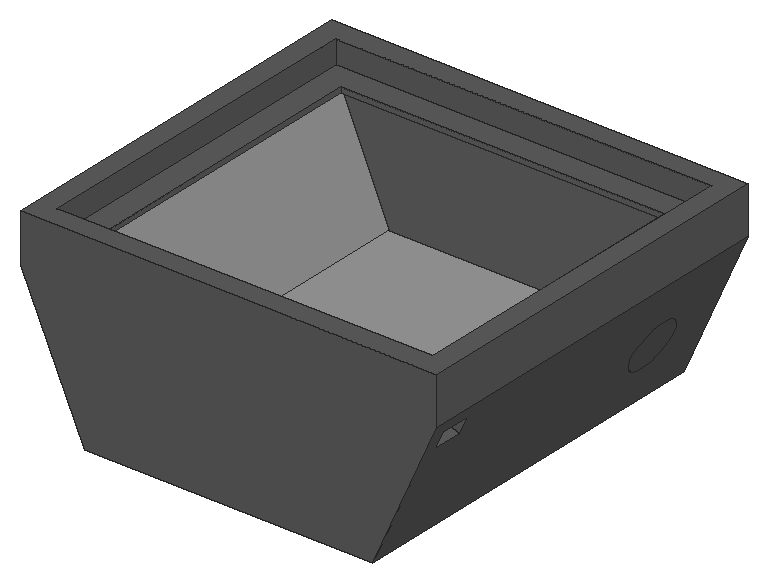
Revit family "HVAC_Fireplaces_Regency-Fireplace_Grandview-gas-fireplace_G600EC", category Specialty Equipment, host Face, Revit 2026
Family settings
  Host = Face
  Round Connector Dimension = Use Diameter
  Part Type = Normal
  Classification Number = 23.40.20.34.14
  Enable Cutting in Views = No
  Cut with Voids When Loaded = No
  Maintain Annotation Orientation = No
  Shared = No
  Room Calculation Point = No
Parameters (values of type "G600EC-LP")
  Width = 31.88"  # constant formula
  Voltage = 120 V
  Visible connector [instance] = 1 = 0  # no
  Version = 0
  Ventilation flow = 100.0 CFM  # constant formula
  URL = "https://www.regency-fire.com/en/default.aspx"
  Trim [instance] = [Nom Outside Finish w-Finishing Trim - Cool wall Installation]  # no
  Rear Vent [instance] = no
  Product data url = "https://www.bimobject.com/regency-fireplace-products/product/g600ec-gas-fireplace"
  Product Page URL = "https://www.regency-fire.com/en/Products/Gas/Traditional-Gas-Fireplaces/G600EC"
  Product Documentation Link = "https://assets.regency-fire.com/getattachment/0890cdbe-c26f-46b4-a6d7-3bc02d463814/G600EC-English-Manual.aspx"
  Power Factor = 1
  Power Consumption = 0 W
  Pipe Diameter = 0.5"  # constant formula
  Outside finish [instance] = [Nom Outside Finish w-Finishing Trim - Cool wall Installation]  # no
  Outside Finish w-Finishing Trim - Cool wall Installation = Outside Finish w-Finishing Trim - Cool wall Installation : Outside Finish w-Finishing Trim - Cool wall Installation
  Outside Finish w-Faceplate - Non-Combustible Installation = Outside Finish w-Faceplate - Non-Combustible Installation : Outside Finish w-Faceplate - Non-Combustible Installation
  Orifce Size -Altitude 0-4500 ft = "# 55 DMS"
  Options of the finishes [instance] = Clean Front - Cool wall Installation : Clean Front - Cool wall Installation
  Option 3 [instance] = and(and(or([Nom Clean Front - Cool wall Installation], [Nom Outside Finish w-Finishing Trim - Cool wall Installation]), Frame cool wall), Nom Option = 3)  # no
  Option 2 [instance] = and(and(or([Nom Clean Front - Cool wall Installation], [Nom Outside Finish w-Finishing Trim - Cool wall Installation]), Frame cool wall), Nom Option = 2)  # no
  Option 1 [instance] = and(and(or([Nom Clean Front - Cool wall Installation], [Nom Outside Finish w-Finishing Trim - Cool wall Installation]), Frame cool wall), Nom Option = 1)  # no
  Number of Poles = 1
  Not rear vent [instance] = not(Rear Vent)  # yes
  Nom Outside Finish w-Finishing Trim - Cool wall Installation [instance] = Options of the finishes = [Outside Finish w-Finishing Trim - Cool wall Installation]  # no
  Nom Outside Finish w-Faceplate - Non-Combustible Installation [instance] = Options of the finishes = [Outside Finish w-Faceplate - Non-Combustible Installation]  # no
  Nom Option [instance] = if(or([Installation options (ventilation openings)] < 1, [Installation options (ventilation openings)] = 1), 1, if(and([Installation options (ventilation openings)] > 1, [Installation options (ventilation openings)] < 3), [Installation options (ventilation openings)], if(or([Installation options (ventilation openings)] > 3, [Installation options (ventilation openings)] = 3), 3, 0)))  # 1
  Nom Clean Front - Non-Combustible Installation [instance] = Options of the finishes = [Clean Front - Non-Combustible Installation]  # no
  Nom Clean Front - Cool wall Installation [instance] = Options of the finishes = [Clean Front - Cool wall Installation]  # yes
  Nom Chase enclosure height [instance] = if(or(Chase enclosure height < 74.5", Chase enclosure height = 74.5"), 74.5", Chase enclosure height)  # 74.5"
  Model = "G600EC-LP"
  Minimum Supply Pressure = "11” W.C. (2.74 kPa)"
  Minimum Input Altitude 0-4500 ft. (0-1372m) = "16,500 Btu/h (4.84 kW)"
  Maximum Input Altitude 0-4500 ft. (0-1372m) = "20,500 Btu/h (6.01 kW)"
  Manufacturer = "Regency Fireplace"  # constant formula
  Mantel leg clearance outside finish non cool wall [instance] = and(Mantel leg clearance, [Nom Outside Finish w-Faceplate - Non-Combustible Installation])  # no
  Mantel leg clearance cool wall [instance] = and(Mantel leg clearance, or([Nom Clean Front - Cool wall Installation], [Nom Outside Finish w-Finishing Trim - Cool wall Installation]))  # no
  Mantel leg clearance clean front non cool wall [instance] = and(Mantel leg clearance, [Nom Clean Front - Non-Combustible Installation])  # no
  Mantel leg clearance [instance] = no
  Mantel clearance cool wall [instance] = and(Mantel clearance, or([Nom Clean Front - Cool wall Installation], [Nom Outside Finish w-Finishing Trim - Cool wall Installation]))  # no
  Mantel clearance clean front non cool wall [instance] = and(Mantel clearance, [Nom Clean Front - Non-Combustible Installation])  # no
  Mantel clearance outside finish non cool wall [instance] = and(Mantel clearance, [Nom Outside Finish w-Faceplate - Non-Combustible Installation])  # no
  Mantel clearance [instance] = no
  Manifold Pressure - Low = "6.4” W.C. (1.60 kPa)"
  Manifold Pressure - High = "10” W.C. (2.49 kPa)"
  Intalllation options note [instance] = if([Installation options (ventilation openings)] = 1, "Option 1- Regency Chase Vent", if([Installation options (ventilation openings)] = 2, "Option 2 - Custom Chase Vent", if([Installation options (ventilation openings)] = 3, "Option 3 - Reveal at the Chase Top", "Enter value 1 to 3")))  # "Option 1- Regency Chase Vent"
  Installation options (ventilation openings) [instance] = 1
  Height = 29.88"  # constant formula
  Heat Wave Installation Note [instance] = "Only required in circumstances where the goal is to transfer some heat from the fireplace to an alternate interior room, please contact the manufacturer for details."  # constant formula
  Heat Wave Installation [instance] = yes
  Gas flow = 0.0 L/s
  Gas Connector Description = "Propane gas supply"
  Fuel Type = "Propane"
  Frequency = 60 Hz
  Installation clearance note [instance] = "Frame work only with cool wall installation"  # constant formula
  Frame cool wall [instance] = and(Installation clearance, or([Nom Clean Front - Cool wall Installation], [Nom Outside Finish w-Finishing Trim - Cool wall Installation]))  # no
  Installation clearance [instance] = no
  Faceplate Material [instance] = Regency Fireplace - Metal - Four Sided Antique Copper
  Offset fareplace [instance] = if(or([Nom Clean Front - Cool wall Installation], [Nom Clean Front - Non-Combustible Installation]), 1.25984", 0")  # 1.25984"
  Inner Panel Material [instance] = Regency Fireplace - Brick - Rustic Brown Herringbone
  Housing Material = Regency Fireplace - Metal - Black
  Firebed Material [instance] = Regency Fireplace - Wood - Birch Log Set Firebed
  Faceplate [instance] = [Nom Outside Finish w-Faceplate - Non-Combustible Installation]  # no
  Duct Diameter = 6.63"  # constant formula
  Duct Connector Description = "4” Inner / 6-5/8” Outer"  # constant formula
  Description = "Choose stunning flame picture, choose your accessories, and create a one-of-a-kind fireplace. The Regency Grandview series of gas fireplaces are designed to maximize choice and customization letting you pick and choose everything so you get the fireplace of your dreams."  # constant formula
  Depth = 14.63"  # constant formula
  Default Elevation = 0"
  Date Updated = ""
  Date Created = ""
  Current = 1.5 A
  Connector [instance] = if(Heat Wave Installation, 3, 2)  # 3
  Clearance to Combustibles [instance] = no
  Chase enclosure height [instance] = 74.5"
  Clean front [instance] = or([Nom Clean Front - Cool wall Installation], [Nom Clean Front - Non-Combustible Installation], [Nom Outside Finish w-Faceplate - Non-Combustible Installation], [Nom Outside Finish w-Finishing Trim - Cool wall Installation])  # yes
  Clean Front - Non-Combustible Installation = Clean Front - Non-Combustible Installation : Clean Front - Non-Combustible Installation
  Clean Front - Cool wall Installation = Clean Front - Cool wall Installation : Clean Front - Cool wall Installation
  CSA P.4.1 = "67.22%"
  B [instance] = if(Rear Vent, 180.00°, 0.00°)  # 0.00°
  Apparent Load = Power Consumption / Power Factor  # 0 VA
  A [instance] = if(Rear Vent, 90.00°, 0.00°)  # 0.00°
Types (3): name | Orifce Size -Altitude 0-4500 ft | Model | Minimum Supply Pressure | Minimum Input Altitude 0-4500 ft. (0-1372m) | Maximum Input Altitude 0-4500 ft. (0-1372m) | Manifold Pressure - Low | Manifold Pressure - High | Gas Connector Description | Fuel Type | CSA P.4.1
  (no name) | "# 55 DMS" | "G600EC-LP" | "11” W.C. (2.74 kPa)" | "16,500 Btu/h (4.84 kW)" | "20,500 Btu/h (6.01 kW)" | "6.4” W.C. (1.60 kPa)" | "10” W.C. (2.49 kPa)" | "Propane gas supply" | "Propane" | "67.22%"
  G600EC-NG | "# 46 DMS" | "G600EC-NG" | "5” W.C. (1.25 kPa)" | "11,500 Btu/h (3.37 kW)" | "21,000 Btu/h (3.37 kW)" | "1.1” W.C. (0.27 kPa)" | "3.8” W.C. (0.94 kPa)" | "Natural gas supply" | "Natural Gas" | "64.8%"
  G600EC-LP | "# 55 DMS" | "G600EC-LP" | "11” W.C. (2.74 kPa)" | "16,500 Btu/h (4.84 kW)" | "20,500 Btu/h (6.01 kW)" | "6.4” W.C. (1.60 kPa)" | "10” W.C. (2.49 kPa)" | "Propane gas supply" | "Propane" | "67.22%"
Reference planes (in)
  plane 1 "Center (Front/Back)": y = 0
  plane 2: z = 0
  plane 3 "Center (Left/Right)": x = 0
Forms (in)
  Extrusion 1, solid, material "Regency Fireplace - Metal - Black" <- "Housing Material"
    sketch origin (2.91322, 0, -1.25984) x (-1, 0, 0) y (0, 0, -1)
      loop
        line (-13.05134, 0) -> (18.87779, 0) -> (18.87779, 3.66142) -> (13.93684, 14.64567) -> (-8.1104, 14.64567) -> (-13.05134, 3.66142) -> (-13.05134, 0)
    from -29.84252 to 0
  Extrusion 2, solid, material "Regency Fireplace - Metal - Silver"
    sketch origin (0, 29.84252, -15.90551) x (0, 0, 1) y (-1, 0, 0)
      loop
        circle (4.32035, 0) r 3.30709
    from 0 to -1.37795
  Extrusion 3, solid, material "Regency Fireplace - Metal - Silver"
    sketch origin (0, 31.22047, -15.90551) x (0, 0, -1) y (-1, 0, 0)
      loop
        circle (-4.32035, 0) r 2.00787
    from 0 to 1.1811
  Extrusion 4, void
    sketch origin (2.91322, 0, -1.25984) x (-1, 0, 0) y (0, 0, -1)
      loop
        line (-13.05134, 0) -> (18.87779, 0) -> (18.87779, 14.64567) -> (-13.05134, 14.64567) -> (-13.05134, 0)
    from 0 to -29.84252
  Extrusion 5, void
    sketch origin (15.96457, 0, -1.25984) x (0, 1, 0) y (1, 0, 0)
      loop
        line (1.5748, -1.5748) -> (1.5748, -30.35433) -> (28.26772, -30.35433) -> (28.26772, -1.5748) -> (1.5748, -1.5748)
    from 0 to -5.01263
  Extrusion 6, void
    sketch origin (2.91322, 29.84252, -1.25984) x (-1, 0, 0) y (0, 0, -1)
      loop
        line (-13.05134, 14.64567) -> (-13.05134, 5.98425) -> (18.87779, 5.98425) -> (18.87779, 14.64567) -> (-13.05134, 14.64567)
    from 0 to -5.46444
  Extrusion 7, void
    sketch origin (2.91322, 0, -1.25984) x (-1, 0, 0) y (0, 0, -1)
      loop
        line (-11.47654, 0) -> (17.30299, 0) -> (17.30299, 2.75591) -> (13.36598, 11.94704) -> (-7.53953, 11.94704) -> (-11.47654, 2.75591) -> (-11.47654, 0)
    from -1.5748 to -28.26772
  Extrusion 8, solid, material "Regency Fireplace - Metal - Black" <- "Housing Material"
    sketch origin (2.91322, 0, -1.25984) x (-1, 0, 0) y (0, -1, 0)
      loop
        line (17.30299, -1.5748) -> (-11.47654, -1.5748) -> (-11.47654, -28.26772) -> (17.30299, -28.26772) -> (17.30299, -1.5748)
      loop
        line (15.33448, -3.54331) -> (-9.50804, -3.54331) -> (-9.50804, -26.29921) -> (15.33448, -26.29921) -> (15.33448, -3.54331)
    from -2.16535 to -1.77165
  Extrusion 9, solid, material "Regency Fireplace - Glass - Clear"
    sketch origin (2.91322, 0, -3.0315) x (-1, 0, 0) y (0, -1, 0)
      loop
        line (15.33448, -3.54331) -> (-9.50804, -3.54331) -> (-9.50804, -26.29921) -> (15.33448, -26.29921) -> (15.33448, -3.54331)
    from -0.3937 to 0
  Extrusion 10, solid, material "Regency Fireplace - Brick - Rustic Brown Herringbone" <- "Inner Panel Material", detail levels medium+fine
    sketch origin (2.91322, 0, -1.25984) x (-1, 0, 0) y (0, 0, -1)
      loop
        line (-11.47654, 2.75591) -> (-11.47654, 2.16535) -> (17.30299, 2.16535) -> (17.30299, 2.75591) -> (13.36598, 11.94704) -> (-7.53953, 11.94704) -> (-11.47654, 2.75591)
    from -1.77165 to -1.5748
  Extrusion 11, solid, material "Regency Fireplace - Brick - Rustic Brown Herringbone" <- "Inner Panel Material", detail levels medium+fine
    sketch origin (2.91322, 0, -1.25984) x (-1, 0, 0) y (0, 0, -1)
      loop
        line (-11.47654, 2.75591) -> (-11.47654, 2.16535) -> (-11.27969, 2.16535) -> (-11.27969, 2.71552) -> (-7.4097, 11.75019) -> (13.23615, 11.75019) -> (17.10614, 2.71552) -> (17.10614, 2.16535) -> (17.30299, 2.16535) -> (17.30299, 2.75591) -> (13.36598, 11.94704) -> (-7.53953, 11.94704) -> (-11.47654, 2.75591)
    from -28.26772 to -1.77165
  Extrusion 12, solid, material "Regency Fireplace - Wood - Birch Log Set Firebed" <- "Firebed Material", detail levels medium+fine
    sketch origin (2.91322, 0, -1.25984) x (-1, 0, 0) y (0, 0, -1)
      loop
        line (17.10614, 2.16535) -> (17.10614, 2.71552) -> (13.23615, 11.75019) -> (-7.4097, 11.75019) -> (-11.27969, 2.71552) -> (-11.27969, 2.16535) -> (17.10614, 2.16535)
    from -1.9685 to -1.77165
  Extrusion 13, solid, material "Regency Fireplace - Metal - Four Sided Antique Copper" <- "Faceplate Material", visible <- "Faceplate"
    sketch origin (0, 0, 0) x (1, 0, 0) y (0, 1, 0)
      loop
        line (-16.87008, 30.86614) -> (-16.87008, 0) -> (16.87008, 0) -> (16.87008, 30.86614) -> (-16.87008, 30.86614)
      loop
        line (14.38976, 1.5748) -> (14.38976, 28.26772) -> (-14.38976, 28.26772) -> (-14.38976, 1.5748) -> (14.38976, 1.5748)
    from 0 to 0.7874
  Extrusion 14, solid, material "Regency Fireplace - Metal - Four Sided Black", visible <- "Trim"
    sketch origin (0, 0, 0) x (1, 0, 0) y (0, 1, 0)
      loop
        line (-16.75197, 30.62992) -> (-16.75197, 0) -> (-16.06299, 0) -> (-16.06299, 29.94094) -> (16.06299, 29.94094) -> (16.06299, 0) -> (16.75197, 0) -> (16.75197, 30.62992) -> (-16.75197, 30.62992)
    from 0 to 0.7874
  Extrusion 15, void
    sketch origin (15.96457, 0, -4.92126) x (-0.410229, 0, -0.911983) y (0, 1, 0)
      loop
        line (0.98591, 1.12268) -> (2.56072, 1.12268) -> (2.56072, 3.48489) -> (0.98591, 3.48489) -> (0.98591, 1.12268)
    from -0.75679 to 0
  Extrusion 16, void
    sketch origin (-15.96457, 0, -4.92126) x (0.410229, 0, -0.911983) y (0, -1, 0)
      loop
        line (1.92009, -2.77601) -> (3.10119, -2.77601) -> (3.10119, -1.39806) -> (1.92009, -1.39806) -> (1.92009, -2.77601)
    from -1.712 to 0
  Extrusion 17, solid
    sketch origin (-14.40325, 0, -4.21895) x (0.410229, 0, -0.911983) y (0, -1, 0)
      loop
        circle (2.53904, -2.10688) r 0.25197
    from 0 to 1.19499
  Extrusion 18, solid, material "Regency Fireplace - Metal - Black" <- "Housing Material", visible <- "Heat Wave Installation"
    sketch origin (-15.96457, 0, -4.92126) x (0.410229, 0, -0.911983) y (0, -1, 0)
      loop
        circle (6.28978, -23.87042) r 2.04724
    from 0 to -0.03937
  Extrusion 19, solid, material "Regency Fireplace - Metal - Black" <- "Housing Material", visible <- "Heat Wave Installation"
    sketch origin (15.96457, 0, -4.92126) x (-0.410229, 0, -0.911983) y (0, 1, 0)
      loop
        circle (6.2835, 23.87058) r 2.04724
    from 0 to -0.19685
  Extrusion 20, solid, material "Regency Fireplace - Clearance", visible <- "Clearance to Combustibles"
    sketch origin (0, 0, 0) x (1, 0, 0) y (0, 1, 0)
      loop
        line (-42.00787, 0) -> (42.00787, 0) -> (42.00787, 74.5) -> (-42.00787, 74.5) -> (-42.00787, 0)
    from 0 to 35.98425
  Extrusion 21, solid, material "Regency Fireplace - Clearance", visible <- "Mantel clearance cool wall"
    sketch origin (11.02362, 0, -15.82677) x (0, 0, -1) y (0, -1, 0)
      loop
        line (-15.82677, 0) -> (-51.81102, 0) -> (-51.81102, -88.38858) -> (-22.82677, -34.76772) -> (-16.82677, -29.26772) -> (-15.82677, -29.26772) -> (-15.82677, 0)
    from -3.36614 to 25.41339
  Extrusion 22, solid, material "Regency Fireplace - Clearance", visible <- "Mantel leg clearance cool wall"
    sketch origin (0, 0, 0) x (1, 0, 0) y (0, 0, 1)
      loop
        line (20.38976, 3.74016) -> (42.00787, 3.74016) -> (42.00787, 35.98425) -> (-42.00787, 35.98425) -> (-42.00787, 3.74016) -> (-20.38976, 3.74016) -> (-16.06299, 3) -> (-15.38976, 2) -> (-14.38976, 2) -> (-14.38976, 0) -> (14.38976, 0) -> (14.38976, 2) -> (15.38976, 2) -> (16.06299, 3) -> (20.38976, 3.74016)
    from 0 to -74.5
  Extrusion 23, solid, material "Regency Fireplace - Clearance", visible <- "Frame cool wall"
    sketch origin (0, 0, 0) x (1, 0, 0) y (0, 0, 1)
      loop
        line (16.75, -0.90551) -> (-16.75, -0.90551) -> (-16.75, -15.90551) -> (16.75, -15.90551) -> (16.75, -0.90551)
    from 0 to -74.5
  Extrusion 24, solid, material "Regency Fireplace - Clearance", visible <- "Option 3"
    sketch origin (0, 74.5, 0) x (-1, 0, 0) y (0, 0, 1)
      loop
        line (16.75, -0.90551) -> (-16.75, -0.90551) -> (-16.75, -15.90551) -> (16.75, -15.90551) -> (16.75, -0.90551)
    from 0 to -2
  Extrusion 25, solid, material "Regency Fireplace - Clearance", visible <- "Mantel clearance clean front non cool wall"
    sketch origin (11.02362, 0, -15.82677) x (0, 0, -1) y (0, -1, 0)
      loop
        line (-15.82677, -42.26772) -> (-15.82677, 0) -> (-51.81102, 0) -> (-51.81102, -65.50591) -> (-27.82677, -47.51772) -> (-20.82677, -42.26772) -> (-15.82677, -42.26772)
    from -3.36614 to 25.41339
  Extrusion 26, solid, material "Regency Fireplace - Clearance", visible <- "Mantel leg clearance clean front non cool wall"
    sketch origin (0, 0, 0) x (1, 0, 0) y (0, 0, 1)
      loop
        line (-18.63976, 0) -> (18.63976, 0) -> (18.63976, 3.5) -> (21.26476, 5) -> (42.00787, 5) -> (42.00787, 35.98425) -> (-42.00787, 35.98425) -> (-42.00787, 5) -> (-21.26476, 5) -> (-18.63976, 3.5) -> (-18.63976, 0)
    from 0 to -74.5
  Extrusion 27, solid, material "Regency Fireplace - Clearance", visible <- "Mantel clearance outside finish non cool wall"
    sketch origin (11.02362, 0, -15.82677) x (0, 0, -1) y (0, -1, 0)
      loop
        line (-15.82677, 0) -> (-51.81102, 0) -> (-51.81102, -62.00591) -> (-27.82677, -44.01772) -> (-20.82677, -38.76772) -> (-15.82677, -38.76772) -> (-15.82677, 0)
    from -3.36614 to 25.41339
  Extrusion 28, solid, material "Regency Fireplace - Clearance", visible <- "Mantel leg clearance outside finish non cool wall"
    sketch origin (0, 0, 0) x (1, 0, 0) y (0, 0, 1)
      loop
        line (-20.31299, 0) -> (20.31299, 0) -> (20.31299, 1.5) -> (22.93799, 3) -> (42.00787, 3) -> (42.00787, 35.98425) -> (-42.00787, 35.98425) -> (-42.00787, 3) -> (-22.93799, 3) -> (-20.31299, 1.5) -> (-20.31299, 0)
    from 0 to -74.5
Cuts and joins
  Extrusion 7, Extrusion 15, Extrusion 16 cuts Extrusion 1
Lines and regions (in)
  Masking region 1
    outline origin (2.91322, 0, -1.25984) x (-1, 0, 0) y (0, 0, -1)
      loop
        line (-13.05134, 0) -> (18.87779, 0) -> (18.87779, 3.66142) -> (13.93684, 14.64567) -> (-8.1104, 14.64567) -> (-13.05134, 3.66142) -> (-13.05134, 0)
  Masking region 2, visible <- "Not rear vent"
    outline origin (2.91322, 0, -1.25984) x (-1, 0, 0) y (0, 0, -1)
      loop
        circle (2.91322, 10.32532) r 3.30709
  Masking region 3, visible <- "Not rear vent"
    outline origin (2.91322, 0, -1.25984) x (-1, 0, 0) y (0, 0, -1)
      loop
        circle (2.91322, 10.32532) r 2.00787
  Masking region 4, visible <- "Faceplate"
    outline origin (0, 0, 1.25984) x (1, 0, 0) y (0, 0, 1)
      loop
        line (16.87008, -0.47244) -> (-16.87008, -0.47244) -> (-16.87008, -1.25984) -> (16.87008, -1.25984) -> (16.87008, -0.47244)
  Masking region 5, visible <- "Trim"
    outline origin (0, 0, 1.25984) x (1, 0, 0) y (0, 0, 1)
      loop
        line (-16.75197, -0.47244) -> (-16.75197, -1.25984) -> (16.75197, -1.25984) -> (16.75197, -0.47244) -> (-16.75197, -0.47244)
  Masking region 6, visible <- "Clearance to Combustibles"
    outline origin (0, 0, 0) x (1, 0, 0) y (0, 0, 1)
      loop
        line (42.00787, 35.98425) -> (-42.00787, 35.98425) -> (-42.00787, 0) -> (42.00787, 0) -> (42.00787, 35.98425)
  Masking region 7, visible <- "Clearance to Combustibles"
    outline origin (0, 0, 0) x (1, 0, 0) y (0, 1, 0)
      loop
        line (-42.00787, 74.5) -> (-42.00787, 0) -> (42.00787, 0) -> (42.00787, 74.5) -> (-42.00787, 74.5)
  Masking region 8, visible <- "Mantel clearance cool wall"
    outline origin (0, 0, 0) x (1, 0, 0) y (0, 1, 0)
      loop
        line (-14.38976, 88.38858) -> (-14.38976, 0) -> (14.38976, 0) -> (14.38976, 88.38858) -> (-14.38976, 88.38858)
  Masking region 9, visible <- "Mantel clearance cool wall"
    outline origin (0, 0, -1.25984) x (1, 0, 0) y (0, 0, 1)
      loop
        line (14.38976, 37.24409) -> (-14.38976, 37.24409) -> (-14.38976, 1.25984) -> (14.38976, 1.25984) -> (14.38976, 37.24409)
  Masking region 10, visible <- "Mantel leg clearance cool wall"
    outline origin (0, 0, 0) x (1, 0, 0) y (0, 1, 0)
      loop
        line (-42.00787, 74.5) -> (-42.00787, 0) -> (42.00787, 0) -> (42.00787, 74.5) -> (-42.00787, 74.5)
  Masking region 11, visible <- "Mantel leg clearance cool wall"
    outline origin (0, 0, 0) x (1, 0, 0) y (0, 0, 1)
      loop
        line (42.00787, 3.74016) -> (42.00787, 35.98425) -> (-42.00787, 35.98425) -> (-42.00787, 3.74016) -> (-20.38976, 3.74016) -> (-16.06299, 3) -> (-15.38976, 2) -> (-14.38976, 2) -> (-14.38976, 0) -> (14.38976, 0) -> (14.38976, 2) -> (15.38976, 2) -> (16.06299, 3) -> (20.38976, 3.74016) -> (42.00787, 3.74016)
  Masking region 12, visible <- "Mantel clearance clean front non cool wall"
    outline origin (0, 0, 0) x (1, 0, 0) y (0, 1, 0)
      loop
        line (-14.38976, 65.50591) -> (-14.38976, 0) -> (14.38976, 0) -> (14.38976, 65.50591) -> (-14.38976, 65.50591)
  Masking region 13, visible <- "Mantel clearance clean front non cool wall"
    outline origin (0, 0, 0) x (1, 0, 0) y (0, 0, 1)
      loop
        line (14.38976, 35.98425) -> (-14.38976, 35.98425) -> (-14.38976, 0) -> (14.38976, 0) -> (14.38976, 35.98425)
  Masking region 14, visible <- "Mantel leg clearance clean front non cool wall"
    outline origin (0, 0, 0) x (1, 0, 0) y (0, 0, 1)
      loop
        line (42.00787, 5) -> (42.00787, 35.98425) -> (-42.00787, 35.98425) -> (-42.00787, 5) -> (-21.26476, 5) -> (-18.63976, 3.5) -> (-18.63976, 0) -> (18.63976, 0) -> (18.63976, 3.5) -> (21.26476, 5) -> (42.00787, 5)
  Masking region 15, visible <- "Mantel leg clearance clean front non cool wall"
    outline origin (0, 0, 0) x (1, 0, 0) y (0, 1, 0)
      loop
        line (-42.00787, 74.5) -> (-42.00787, 0) -> (42.00787, 0) -> (42.00787, 74.5) -> (-42.00787, 74.5)
  Masking region 16, visible <- "Mantel clearance outside finish non cool wall"
    outline origin (0, 0, 0) x (1, 0, 0) y (0, 1, 0)
      loop
        line (-14.38976, 62.00591) -> (-14.38976, 0) -> (14.38976, 0) -> (14.38976, 62.00591) -> (-14.38976, 62.00591)
  Masking region 17, visible <- "Mantel clearance outside finish non cool wall"
    outline origin (0, 0, 0) x (1, 0, 0) y (0, 0, 1)
      loop
        line (14.38976, 35.98425) -> (-14.38976, 35.98425) -> (-14.38976, 0) -> (14.38976, 0) -> (14.38976, 35.98425)
  Masking region 18, visible <- "Mantel leg clearance outside finish non cool wall"
    outline origin (0, 0, 0) x (1, 0, 0) y (0, 1, 0)
      loop
        line (-42.00787, 74.5) -> (-42.00787, 0) -> (42.00787, 0) -> (42.00787, 74.5) -> (-42.00787, 74.5)
  Masking region 19, visible <- "Mantel leg clearance outside finish non cool wall"
    outline origin (0, 0, 0) x (1, 0, 0) y (0, 0, 1)
      loop
        line (42.00787, 3) -> (42.00787, 35.98425) -> (-42.00787, 35.98425) -> (-42.00787, 3) -> (-22.93799, 3) -> (-20.31299, 1.5) -> (-20.31299, 0) -> (20.31299, 0) -> (20.31299, 1.5) -> (22.93799, 3) -> (42.00787, 3)
  Masking region 20, visible <- "Outside finish"
    outline origin (0, 0, 0) x (1, 0, 0) y (0, 1, 0)
      loop
        line (-15.96457, 29.84252) -> (-15.96457, 0) -> (15.96457, 0) -> (15.96457, 29.84252) -> (-15.96457, 29.84252)
  Masking region 21, visible <- "Clean front"
    outline origin (0, 0, 0) x (1, 0, 0) y (0, 1, 0)
      loop
        line (-14.38976, 28.26772) -> (-14.38976, 1.5748) -> (14.38976, 1.5748) -> (14.38976, 28.26772) -> (-14.38976, 28.26772)
  Masking region 22, visible <- "Trim"
    outline origin (0, 0, 0) x (1, 0, 0) y (0, 1, 0)
      loop
        line (-16.75197, 30.62992) -> (-16.75197, 0) -> (-16.06299, 0) -> (-16.06299, 29.94094) -> (16.06299, 29.94094) -> (16.06299, 0) -> (16.75197, 0) -> (16.75197, 30.62992) -> (-16.75197, 30.62992)
  Masking region 23, visible <- "Faceplate"
    outline origin (0, 0, 0) x (1, 0, 0) y (0, 1, 0)
      loop
        line (16.87008, 30.86614) -> (-16.87008, 30.86614) -> (-16.87008, 0) -> (16.87008, 0) -> (16.87008, 30.86614)
      loop
        line (-14.38976, 28.26772) -> (-14.38976, 1.5748) -> (14.38976, 1.5748) -> (14.38976, 28.26772) -> (-14.38976, 28.26772)
  Masking region 24, visible <- "Rear Vent"
    outline origin (0, 0, 0) x (1, 0, 0) y (0, 0, 1)
      loop
        line (3.30709, -15.90551) -> (-3.30709, -15.90551) -> (-3.30709, -17.28346) -> (-2.00787, -17.28346) -> (-2.00787, -18.46457) -> (2.00787, -18.46457) -> (2.00787, -17.28346) -> (3.30709, -17.28346) -> (3.30709, -15.90551)
  reference lines
    curve 1: line (2.91322, 0, -1.25984) -> (-3.58284, 0, -1.25984)
    curve 2: line (0, 29.84252, -15.90551) -> (0, 23.54331, -15.90551)
    curve 3: line (0, 29.84252, -18.07087) -> (0, 29.84252, -10.98425)
    curve 4: line (0, 29.84252, -15.90551) -> (0, 33.97638, -15.90551)
    curve 5: line (0, 29.84252, -15.90551) -> (0, 29.84252, -10.7874)
    curve 6: line (0, 29.84252, -15.90551) -> (-5.90551, 29.84252, -15.90551)
    curve 7: line (0, 29.84252, -15.90551) -> (0, 29.84252, -9.40945)
    curve 8: line (-33.92812, 74.5, 0) -> (33.00101, 74.5, 0)
    curve 13: line (-24.93407, 69.5, 0) -> (24.06593, 69.5, 0)
  model lines, style "Clearance", visible <- "Option 1"
    curve 9: line (-7.25, 73.5, 0) -> (7.25, 73.5, 0)
    curve 10: line (7.25, 73.5, 0) -> (7.25, 69.5, 0)
    curve 11: line (7.25, 69.5, 0) -> (-7.25, 69.5, 0)
    curve 12: line (-7.25, 69.5, 0) -> (-7.25, 73.5, 0)
  model lines, style "Clearance", visible <- "Option 2"
    curve 14: line (-14.5, 69.5, 0) -> (14.5, 69.5, 0)
    curve 15: line (-14.5, 69.5, 0) -> (-14.5, 71.5, 0)
    curve 16: line (-14.5, 71.5, 0) -> (14.5, 71.5, 0)
    curve 17: line (14.5, 71.5, 0) -> (14.5, 69.5, 0)
Dimensions and locks (in)
  "Offset fareplace": curve 1 to plane 2
  "Nom Chase enclosure height": plane 1 "Center (Front/Back)" to curve 8
  equal spacing: group 1, group 3, group 2  (x2)
  equal spacing: group 2, group 3, group 1
  equal spacing: group 5, group 6, group 4  (x2)
  equal spacing: group 4, group 6, group 5
  locked: curve 13 to curve 8 at 5
  "A": angle curve 3 to curve 5
  "B": angle curve 5 to curve 7
  aligned and locked: plane 2 to host face
  aligned and locked: level to host face
  aligned and locked: curve 3 to curve 5
  aligned and locked: curve 4 to curve 5
  aligned and locked: curve 7 to curve 5
  aligned and locked: Extrusion 20 sketch curve to curve 8
  aligned and locked: Masking region 7 sketch curve to curve 8
  aligned and locked: Extrusion 22 to curve 8
  aligned and locked: Masking region 10 sketch curve to curve 8
  aligned and locked: Extrusion 23 to curve 8
  aligned and locked: Extrusion 26 to curve 8
  aligned and locked: Masking region 15 sketch curve to curve 8
  aligned and locked: Extrusion 28 to curve 8
  aligned and locked: Masking region 18 sketch curve to curve 8
Automatic sketch dimensions
  host sketch curve to host sketch curve = 96"  (x2)
  Extrusion 1 sketch curve to curve 1 = 0"
  Extrusion 1 sketch curve to curve 1 = 13.05134"
  Extrusion 1 sketch curve to curve 1 = 8.1104"
  curve 1 to Extrusion 1 sketch curve = 7.44078"
  Extrusion 1 sketch curve to curve 1 = 3.66142"  (x2)
  Extrusion 1 sketch curve to Extrusion 1 sketch curve = 4.94094"
  curve 1 to Extrusion 1 sketch curve = 14.64567"
  curve 2 to curve 2 = 6.29921"
  curve 4 to curve 2 = 0"  (x2)
  curve 3 to curve 2 = 2.16535"
  curve 2 to curve 3 = 4.92126"
  curve 4 to curve 4 = 4.13386"
  Extrusion 2 sketch curve to curve 7 = 2.17571"
  curve 7 to Extrusion 2 sketch curve = 0"
  Extrusion 4 sketch curve to curve 1 = 0"
  Extrusion 4 sketch curve to curve 1 = 13.05134"
  curve 1 to Extrusion 4 sketch curve = 12.38173"
  curve 1 to Extrusion 4 sketch curve = 14.64567"
  Extrusion 5 sketch curve to Extrusion 4 = 1.5748"  (x4)
  Extrusion 6 sketch curve to Extrusion 4 = 0"  (x3)
  Extrusion 6 sketch curve to Extrusion 4 = 5.98425"
  Extrusion 7 sketch curve to curve 1 = 0"
  Extrusion 7 sketch curve to curve 1 = 2.75591"  (x2)
  Extrusion 7 sketch curve to curve 1 = 11.47654"
  curve 1 to Extrusion 7 sketch curve = 10.80692"
  Extrusion 7 sketch curve to curve 1 = 7.53953"
  curve 1 to Extrusion 7 sketch curve = 6.86992"
  curve 1 to Extrusion 7 sketch curve = 11.94704"
  curve 1 to Extrusion 8 sketch curve = 1.5748"
  Extrusion 8 sketch curve to curve 1 = 11.47654"
  curve 1 to Extrusion 8 sketch curve = 10.80692"
  Extrusion 8 sketch curve to curve 1 = 28.26772"
  Extrusion 8 sketch curve to Extrusion 8 sketch curve = 1.9685"  (x4)
  Extrusion 9 sketch curve to Extrusion 8 = 0"  (x4)
  Extrusion 10 sketch curve to curve 1 = 2.16535"
  Extrusion 10 sketch curve to curve 1 = 2.75591"  (x2)
  Extrusion 10 sketch curve to curve 1 = 11.47654"
  Extrusion 10 sketch curve to curve 1 = 7.53953"
  curve 1 to Extrusion 10 sketch curve = 6.86992"
  curve 1 to Extrusion 10 sketch curve = 10.80692"
  curve 1 to Extrusion 10 sketch curve = 11.94704"
  Extrusion 11 sketch curve to curve 1 = 11.47654"
  Extrusion 11 sketch curve to curve 1 = 7.53953"
  curve 1 to Extrusion 11 sketch curve = 6.86992"
  Extrusion 11 sketch curve to curve 1 = 2.16535"
  Extrusion 11 sketch curve to Extrusion 11 sketch curve = 3.93701"
  Extrusion 11 sketch curve to Extrusion 11 sketch curve = 0.59055"
  curve 1 to Extrusion 11 sketch curve = 11.94704"
  Extrusion 11 sketch curve to Extrusion 11 sketch curve = 0.04039"  (x2)
  Extrusion 11 sketch curve to curve 1 = 2.71552"
  Extrusion 11 sketch curve to Extrusion 11 sketch curve = 0.19685"  (x3)
  Extrusion 11 sketch curve to Extrusion 11 sketch curve = 0.12983"  (x2)
  Extrusion 11 sketch curve to Extrusion 11 sketch curve = 0.55017"
  Extrusion 12 sketch curve to curve 1 = 2.16535"
  Extrusion 12 sketch curve to curve 1 = 11.27969"
  Extrusion 12 sketch curve to curve 1 = 7.4097"
  curve 1 to Extrusion 12 sketch curve = 6.74009"
  Extrusion 12 sketch curve to Extrusion 12 sketch curve = 3.86999"
  Extrusion 12 sketch curve to Extrusion 12 sketch curve = 0.55017"  (x2)
  curve 1 to Extrusion 12 sketch curve = 11.75019"
  Extrusion 13 sketch curve to plane 3 "Center (Left/Right)" = 16.87008"
  Extrusion 13 sketch curve to Extrusion 13 sketch curve = 2.48031"  (x2)
  Extrusion 13 sketch curve to plane 1 "Center (Front/Back)" = 1.5748"
  plane 3 "Center (Left/Right)" to Extrusion 13 sketch curve = 14.38976"
  Extrusion 13 sketch curve to Extrusion 13 sketch curve = 26.69291"
  Extrusion 13 sketch curve to Extrusion 13 sketch curve = 2.59843"
  plane 1 "Center (Front/Back)" to Extrusion 13 sketch curve = 0"
  plane 1 "Center (Front/Back)" to Extrusion 14 sketch curve = 0"  (x2)
  Extrusion 14 sketch curve to plane 3 "Center (Left/Right)" = 16.75197"
  Extrusion 14 sketch curve to Extrusion 14 sketch curve = 0.68898"  (x3)
  plane 3 "Center (Left/Right)" to Extrusion 14 sketch curve = 16.06299"
  Extrusion 14 sketch curve to plane 1 "Center (Front/Back)" = 29.94094"
  Extrusion 15 sketch curve to Extrusion 1 = 0.98591"
  Extrusion 15 sketch curve to Extrusion 15 sketch curve = 1.5748"
  Extrusion 1 to Extrusion 15 sketch curve = 1.12268"
  Extrusion 15 sketch curve to Extrusion 15 sketch curve = 2.3622"
  Extrusion 1 to Extrusion 16 sketch curve = 1.92009"
  Extrusion 16 sketch curve to Extrusion 16 sketch curve = 1.1811"
  Extrusion 1 to Extrusion 16 sketch curve = 2.77601"
  Extrusion 16 sketch curve to Extrusion 16 sketch curve = 1.37795"
  Extrusion 17 sketch curve to Extrusion 16 = 0.56215"
  Extrusion 17 sketch curve to Extrusion 16 = 0.66913"
  Extrusion 18 sketch curve to Extrusion 1 = 5.75458"
  Extrusion 1 to Extrusion 18 sketch curve = 5.97209"
  Extrusion 1 to Extrusion 19 sketch curve = 5.76087"
  Extrusion 1 to Extrusion 19 sketch curve = 5.97194"
  Masking region 1 sketch curve to curve 1 = 0"
  Masking region 1 sketch curve to curve 1 = 13.05134"
  Masking region 1 sketch curve to curve 1 = 8.1104"
  curve 1 to Masking region 1 sketch curve = 7.44078"
  curve 1 to Masking region 1 sketch curve = 12.38173"
  Masking region 1 sketch curve to curve 1 = 3.66142"  (x2)
  curve 1 to Masking region 1 sketch curve = 14.64567"
  Masking region 2 sketch curve to Masking region 2 sketch curve = 0"  (x2)
  curve 1 to Masking region 2 sketch curve = 2.91322"
  curve 1 to Masking region 2 sketch curve = 10.32532"
  curve 1 to Masking region 2 sketch curve = 7.01823"
  Masking region 3 sketch curve to Masking region 3 sketch curve = 0"  (x2)
  curve 1 to Masking region 3 sketch curve = 2.91322"
  curve 1 to Masking region 3 sketch curve = 10.32532"
  Masking region 3 sketch curve to Masking region 3 sketch curve = 2.00787"
  plane 1 "Center (Front/Back)" to Extrusion 20 sketch curve = 0"
  plane 3 "Center (Left/Right)" to Extrusion 20 sketch curve = 42.00787"
  Extrusion 20 sketch curve to plane 3 "Center (Left/Right)" = 42.00787"
  Masking region 6 sketch curve to level = 0"
  Masking region 6 sketch curve to plane 3 "Center (Left/Right)" = 42.00787"
  plane 3 "Center (Left/Right)" to Masking region 6 sketch curve = 42.00787"
  Masking region 6 sketch curve to Masking region 6 sketch curve = 35.98425"
  Masking region 5 sketch curve to level = 0"
  Masking region 5 sketch curve to plane 3 "Center (Left/Right)" = 16.75197"
  plane 3 "Center (Left/Right)" to Masking region 5 sketch curve = 16.75197"
  level to Masking region 5 sketch curve = 0.7874"
  level to Masking region 4 sketch curve = 0.7874"
  Masking region 4 sketch curve to plane 3 "Center (Left/Right)" = 16.87008"
  Masking region 4 sketch curve to level = 0"
  plane 3 "Center (Left/Right)" to Masking region 4 sketch curve = 16.87008"
  plane 1 "Center (Front/Back)" to Masking region 7 sketch curve = 0"
  Masking region 7 sketch curve to plane 3 "Center (Left/Right)" = 42.00787"
  plane 3 "Center (Left/Right)" to Masking region 7 sketch curve = 42.00787"
  Extrusion 21 sketch curve to Extrusion 21 sketch curve = 1"
  Extrusion 21 sketch curve to Extrusion 21 sketch curve = 28.98425"
  Extrusion 21 sketch curve to Extrusion 21 sketch curve = 29.26772"
  level to Extrusion 21 sketch curve = 7"
  Extrusion 21 sketch curve to Extrusion 21 sketch curve = 5.5"
  Extrusion 21 sketch curve to plane 1 "Center (Front/Back)" = 0"
  Extrusion 21 sketch curve to level = 0"
  Extrusion 21 sketch curve to Extrusion 21 sketch curve = 53.62087"
  plane 1 "Center (Front/Back)" to Masking region 8 sketch curve = 0"
  Masking region 8 sketch curve to plane 3 "Center (Left/Right)" = 14.38976"
  plane 3 "Center (Left/Right)" to Masking region 8 sketch curve = 14.38976"
  Masking region 8 sketch curve to plane 1 "Center (Front/Back)" = 88.38858"
  plane 1 "Center (Front/Back)" to Masking region 10 sketch curve = 0"
  Masking region 10 sketch curve to plane 3 "Center (Left/Right)" = 42.00787"
  plane 3 "Center (Left/Right)" to Masking region 10 sketch curve = 42.00787"
  Masking region 11 sketch curve to level = 0"
  Masking region 11 sketch curve to plane 3 "Center (Left/Right)" = 42.00787"
  level to Masking region 11 sketch curve = 3.74016"  (x2)
  Masking region 11 sketch curve to plane 3 "Center (Left/Right)" = 20.38976"
  level to Masking region 11 sketch curve = 3"  (x2)
  Masking region 11 sketch curve to Masking region 11 sketch curve = 4.32677"  (x2)
  Masking region 11 sketch curve to Masking region 11 sketch curve = 0.67323"  (x2)
  Masking region 11 sketch curve to Masking region 11 sketch curve = 1"  (x3)
  plane 3 "Center (Left/Right)" to Masking region 11 sketch curve = 14.38976"
  level to Masking region 11 sketch curve = 2"
  Masking region 11 sketch curve to Masking region 11 sketch curve = 21.61811"
  Masking region 11 sketch curve to Masking region 11 sketch curve = 32.24409"
  Extrusion 22 sketch curve to level = 0"
  level to Extrusion 22 sketch curve = 3.74016"  (x2)
  Extrusion 22 sketch curve to plane 3 "Center (Left/Right)" = 42.00787"
  Extrusion 22 sketch curve to plane 3 "Center (Left/Right)" = 20.38976"
  level to Extrusion 22 sketch curve = 3"  (x2)
  Extrusion 22 sketch curve to Extrusion 22 sketch curve = 4.32677"  (x2)
  Extrusion 22 sketch curve to Extrusion 22 sketch curve = 0.67323"  (x2)
  Extrusion 22 sketch curve to Extrusion 22 sketch curve = 1"  (x3)
  level to Extrusion 22 sketch curve = 2"
  plane 3 "Center (Left/Right)" to Extrusion 22 sketch curve = 14.38976"
  Extrusion 22 sketch curve to Extrusion 22 sketch curve = 21.61811"
  Extrusion 22 sketch curve to Extrusion 22 sketch curve = 32.24409"
  curve 12 to curve 13 = 31.31593"
  curve 11 to curve 13 = 16.81593"
  curve 10 to curve 10 = 4"
  curve 13 to curve 11 = 0"
  Extrusion 24 sketch curve to Extrusion 23 = 0"  (x4)
  curve 13 to curve 14 = 10.43407"
  curve 16 to curve 13 = 9.56593"
  curve 17 to curve 13 = 2"
  curve 17 to curve 16 = 2"
  plane 1 "Center (Front/Back)" to Masking region 12 sketch curve = 0"
  Masking region 12 sketch curve to plane 3 "Center (Left/Right)" = 14.38976"
  plane 3 "Center (Left/Right)" to Masking region 12 sketch curve = 14.38976"
  Masking region 12 sketch curve to plane 1 "Center (Front/Back)" = 65.50591"
  Masking region 13 sketch curve to level = 0"
  Masking region 13 sketch curve to plane 3 "Center (Left/Right)" = 14.38976"
  plane 3 "Center (Left/Right)" to Masking region 13 sketch curve = 14.38976"
  level to Masking region 13 sketch curve = 35.98425"
  Masking region 9 sketch curve to plane 3 "Center (Left/Right)" = 14.38976"
  level to Masking region 9 sketch curve = 0"
  plane 3 "Center (Left/Right)" to Masking region 9 sketch curve = 14.38976"
  Masking region 9 sketch curve to Masking region 9 sketch curve = 35.98425"
  Extrusion 26 sketch curve to level = 0"
  level to Extrusion 26 sketch curve = 3.5"
  Extrusion 26 sketch curve to plane 3 "Center (Left/Right)" = 18.63976"
  plane 3 "Center (Left/Right)" to Extrusion 26 sketch curve = 18.63976"
  Extrusion 26 sketch curve to Extrusion 26 sketch curve = 2.625"
  level to Extrusion 26 sketch curve = 5"  (x2)
  Extrusion 26 sketch curve to Extrusion 26 sketch curve = 20.74311"  (x2)
  Extrusion 26 sketch curve to Extrusion 26 sketch curve = 1.5"
  level to Extrusion 26 sketch curve = 35.98425"
  Extrusion 26 sketch curve to Extrusion 26 sketch curve = 23.36811"
  Masking region 14 sketch curve to level = 0"
  Masking region 14 sketch curve to plane 3 "Center (Left/Right)" = 42.00787"
  level to Masking region 14 sketch curve = 5"  (x2)
  Masking region 14 sketch curve to Masking region 14 sketch curve = 20.74311"  (x2)
  Masking region 14 sketch curve to Masking region 14 sketch curve = 2.625"  (x2)
  plane 3 "Center (Left/Right)" to Masking region 14 sketch curve = 18.63976"
  Masking region 14 sketch curve to Masking region 14 sketch curve = 1.5"  (x2)
  Masking region 14 sketch curve to Masking region 14 sketch curve = 30.98425"
  plane 1 "Center (Front/Back)" to Masking region 15 sketch curve = 0"
  Masking region 15 sketch curve to plane 3 "Center (Left/Right)" = 42.00787"
  plane 3 "Center (Left/Right)" to Masking region 15 sketch curve = 42.00787"
  Extrusion 25 sketch curve to plane 1 "Center (Front/Back)" = 0"
  level to Extrusion 25 sketch curve = 5"
  Extrusion 25 sketch curve to Extrusion 25 sketch curve = 7"
  level to Extrusion 25 sketch curve = 35.98425"
  Extrusion 25 sketch curve to Extrusion 25 sketch curve = 5.25"
  Extrusion 25 sketch curve to Extrusion 25 sketch curve = 17.98819"
  Extrusion 25 sketch curve to level = 0"
  Extrusion 25 sketch curve to Extrusion 25 sketch curve = 42.26772"
  level to Extrusion 27 sketch curve = 5"
  Extrusion 27 sketch curve to Extrusion 27 sketch curve = 23.98425"
  Extrusion 27 sketch curve to Extrusion 27 sketch curve = 38.76772"
  Extrusion 27 sketch curve to Extrusion 27 sketch curve = 7"
  Extrusion 27 sketch curve to Extrusion 27 sketch curve = 5.25"
  Extrusion 27 sketch curve to Extrusion 27 sketch curve = 17.98819"
  Extrusion 27 sketch curve to plane 1 "Center (Front/Back)" = 0"
  Extrusion 27 sketch curve to level = 0"
  plane 1 "Center (Front/Back)" to Masking region 16 sketch curve = 0"
  Masking region 16 sketch curve to plane 3 "Center (Left/Right)" = 14.38976"
  plane 3 "Center (Left/Right)" to Masking region 16 sketch curve = 14.38976"
  Masking region 16 sketch curve to plane 1 "Center (Front/Back)" = 62.00591"
  Masking region 17 sketch curve to level = 0"
  Masking region 17 sketch curve to plane 3 "Center (Left/Right)" = 14.38976"
  plane 3 "Center (Left/Right)" to Masking region 17 sketch curve = 14.38976"
  level to Masking region 17 sketch curve = 35.98425"
  Extrusion 28 sketch curve to level = 0"
  level to Extrusion 28 sketch curve = 3"  (x2)
  level to Extrusion 28 sketch curve = 1.5"
  Extrusion 28 sketch curve to Extrusion 28 sketch curve = 2.625"  (x2)
  Extrusion 28 sketch curve to plane 3 "Center (Left/Right)" = 20.31299"
  Extrusion 28 sketch curve to Extrusion 28 sketch curve = 40.62598"
  Extrusion 28 sketch curve to Extrusion 28 sketch curve = 1.5"
  Extrusion 28 sketch curve to Extrusion 28 sketch curve = 19.06988"  (x2)
  level to Extrusion 28 sketch curve = 35.98425"
  plane 1 "Center (Front/Back)" to Masking region 18 sketch curve = 0"
  Masking region 18 sketch curve to plane 3 "Center (Left/Right)" = 42.00787"
  plane 3 "Center (Left/Right)" to Masking region 18 sketch curve = 42.00787"
  Masking region 19 sketch curve to level = 0"
  Masking region 19 sketch curve to plane 3 "Center (Left/Right)" = 42.00787"
  level to Masking region 19 sketch curve = 3"  (x2)
  Masking region 19 sketch curve to Masking region 19 sketch curve = 19.06988"  (x2)
  level to Masking region 19 sketch curve = 1.5"
  Masking region 19 sketch curve to Masking region 19 sketch curve = 2.625"  (x2)
  plane 3 "Center (Left/Right)" to Masking region 19 sketch curve = 20.31299"
  Masking region 19 sketch curve to Masking region 19 sketch curve = 1.5"
  Masking region 19 sketch curve to Masking region 19 sketch curve = 32.98425"
  plane 1 "Center (Front/Back)" to Masking region 20 sketch curve = 0"
  Masking region 20 sketch curve to plane 3 "Center (Left/Right)" = 15.96457"
  plane 3 "Center (Left/Right)" to Masking region 20 sketch curve = 15.96457"
  Masking region 20 sketch curve to plane 1 "Center (Front/Back)" = 29.84252"
  Masking region 21 sketch curve to plane 1 "Center (Front/Back)" = 1.5748"
  Masking region 21 sketch curve to plane 3 "Center (Left/Right)" = 14.38976"
  plane 3 "Center (Left/Right)" to Masking region 21 sketch curve = 14.38976"
  Masking region 21 sketch curve to Masking region 21 sketch curve = 26.69291"
  plane 1 "Center (Front/Back)" to Masking region 22 sketch curve = 0"  (x2)
  Masking region 22 sketch curve to plane 3 "Center (Left/Right)" = 16.75197"
  Masking region 22 sketch curve to Masking region 22 sketch curve = 0.68898"  (x3)
  plane 3 "Center (Left/Right)" to Masking region 22 sketch curve = 16.06299"
  Masking region 22 sketch curve to Masking region 22 sketch curve = 29.94094"
  plane 1 "Center (Front/Back)" to Masking region 23 sketch curve = 0"
  Masking region 23 sketch curve to plane 3 "Center (Left/Right)" = 16.87008"
  Masking region 23 sketch curve to Masking region 23 sketch curve = 2.48031"  (x2)
  plane 3 "Center (Left/Right)" to Masking region 23 sketch curve = 14.38976"
  Masking region 23 sketch curve to plane 1 "Center (Front/Back)" = 1.5748"
  Masking region 23 sketch curve to Masking region 23 sketch curve = 26.69291"
  Masking region 23 sketch curve to Masking region 23 sketch curve = 2.59843"
  Masking region 24 sketch curve to plane 3 "Center (Left/Right)" = 3.30709"
  Masking region 24 sketch curve to Masking region 24 sketch curve = 1.29921"  (x2)
  plane 3 "Center (Left/Right)" to Masking region 24 sketch curve = 2.00787"
  Masking region 24 sketch curve to level = 18.46457"
  Masking region 24 sketch curve to Masking region 24 sketch curve = 1.1811"  (x2)
  Masking region 24 sketch curve to Masking region 24 sketch curve = 1.37795"
  Extrusion 23 sketch curve to level = 0.90551"
  Extrusion 23 sketch curve to plane 3 "Center (Left/Right)" = 16.75"
  Extrusion 23 sketch curve to level = 15.90551"
  plane 3 "Center (Left/Right)" to Extrusion 23 sketch curve = 16.75"
  curve 1 to plane 3 "Center (Left/Right)" = 3.58284"
  plane 3 "Center (Left/Right)" to curve 1 = 2.91322"
  curve 6 to curve 5 = 0"
  curve 5 to curve 6 = 5.90551"
  curve 8 to plane 3 "Center (Left/Right)" = 33.92812"
  curve 8 to curve 13 = 8.99405"
  plane 3 "Center (Left/Right)" to curve 13 = 24.06593"
  curve 13 to curve 8 = 8.93508"
  radius of Extrusion 2 sketch curve = 3.30709"
  radius of Extrusion 3 sketch curve to Extrusion 2 = 1.29921"
  radius of Extrusion 17 sketch curve = 0.25197"
  radius of Extrusion 18 sketch curve = 2.04724"
  radius of Extrusion 19 sketch curve = 2.04724"
Nested families (in)
  nested 1: "Clean Front - Cool wall Installation" at (0, 0, 0), type "Clean Front - Cool wall Installation"
  nested 2: "Outside Finish w-Finishing Trim - Cool wall Installation" at (0, 0, 0), type "Outside Finish w-Finishing Trim - Cool wall Installation"
  nested 3: "Clean Front - Non-Combustible Installation" at (0, 0, 0), type "Clean Front - Non-Combustible Installation"
  nested 4: "Outside Finish w-Faceplate - Non-Combustible Installation" at (0, 0, 0), type "Outside Finish w-Faceplate - Non-Combustible Installation"
  nested 5: "Connector" at (-13.89036, 23.87042, -8.08066) x (0.4102, 0, -0.912) z (-0.912, 0, -0.4102), visible <- "Visible connector", type "Connector"
  nested 6: "Connector" at (-12.72782, 23.87042, -10.66511) x (0.4102, 0, -0.912) z (-0.912, 0, -0.4102), visible <- "Visible connector", type "Connector"
  nested 7: "Connector" at (-13.30909, 23.87042, -9.37288) x (0.4102, 0, -0.912) z (-0.912, 0, -0.4102), visible <- "Visible connector", type "Connector"
  nested 8: "Connector" at (13.46586, 23.87058, -9.02436) x (-0.4102, 0, -0.912) z (0.912, 0, -0.4102), visible <- "Visible connector", type "Connector"
  nested 9: "Connector" at (13.17029, 23.87058, -9.68145) x (-0.4102, 0, -0.912) z (0.912, 0, -0.4102), visible <- "Visible connector", type "Connector"
  nested 10: "Connector" at (13.31808, 23.87058, -9.35291) x (-0.4102, 0, -0.912) z (0.912, 0, -0.4102), visible <- "Visible connector", type "Connector"
Connectors (in)
  hvac at (0, 32.40157, -11.58516), driven by "Duct Diameter", driven by "Ventilation flow", driven by "Duct Connector Description"
    settings: on Extrusion 3, index 1, duct flow 100.0 CFM, flow factor 0, pres drop 0.0 Pa, loss coef 0, conn angle 0.00°, conn width 304.8 mm, conn height 304.8 mm, conn diameter 168.402 mm, duct sys type 3, conn prof type 0, flow config 0, flow direction 0, loss method 0, conn ref index -1, conn util no, is conn primary yes, conn desc "4” Inner / 6-5/8” Outer"
  electrical at (14.54692, 2.30378, -6.22803), driven by "Number of Poles", driven by "Voltage", driven by "Apparent Load", driven by "Power Factor"
    settings: on cut or joined group of Extrusion 1, Extrusion 7, Extrusion 15, Extrusion 16, index 2, voltage 120 V, apparent load 0 VA, apparent load phase1 0 VA, apparent load phase2 0 VA, apparent load phase3 0 VA, power factor 1, load classification "Other", number of poles 1, system type 30, power factor state 1, is connector primary yes, connector utility no, sub classification motor no, connector description "120V, Power connector"
  piping at (-14.45147, 2.10688, -7.02473), diameter 0.5, driven by "Pipe Diameter", driven by "Gas flow", driven by "Gas Connector Description"
    settings: on Extrusion 17, index 3, connector inside diameter 609.6 mm, connector length 0", flow factor 0, pipe flow 0.0 L/s, pressure drop 0.0 Pa, fitting loss kfactor 0, connector angle 0.00°, fixture units 0, engagement length 0", angle of deflection 0.00°, flow configuration 0, flow direction 1, fitting loss method 0, system type 22, joint type 0, gender type 0, connector reference index -1, connector utility 0, adjustable connector no, is connector primary yes, connector description "Propane gas supply"
  hvac at (13.38989, 23.87058, -9.38521), driven by "Duct Diameter", driven by "Ventilation flow", driven by "Duct Connector Description"
    settings: on nested 10, index 4, duct flow 100.0 CFM, flow factor 0, pres drop 0.0 Pa, loss coef 0, conn angle 0.00°, conn width 304.8 mm, conn height 304.8 mm, conn diameter 168.402 mm, duct sys type 3, conn prof type 0, flow config 0, flow direction 2, loss method 0, conn ref index -1, conn util no, is conn primary no, conn desc "4” Inner / 6-5/8” Outer"
  hvac at (-13.3809, 23.87042, -9.40518), driven by "Duct Diameter", driven by "Ventilation flow", driven by "Duct Connector Description"
    settings: on nested 7, index 5, duct flow 100.0 CFM, flow factor 0, pres drop 0.0 Pa, loss coef 0, conn angle 0.00°, conn width 304.8 mm, conn height 304.8 mm, conn diameter 168.402 mm, duct sys type 3, conn prof type 0, flow config 0, flow direction 2, loss method 0, conn ref index -1, conn util no, is conn primary no, conn desc "4” Inner / 6-5/8” Outer"
Definition of nested family "Connector"
  Parameters (values of type "Connector")
    Default Elevation = 48"
  Reference planes (in)
    plane 1 "Center (Front/Back)": y = 0
    plane 2: z = 0
    plane 3 "Center (Left/Right)": x = 0
  Forms (in)
    Extrusion 1, solid
      sketch origin (0, 0, 0) x (1, 0, 0) y (0, 1, 0)
        loop
          circle (0, 0) r 0.03245
      from 0 to 0.07874
  Dimensions and locks (in)
    aligned and locked: level to plane 2
Definition of nested family "Clean Front - Cool wall Installation"
  Parameters
    Height = 0"
    Default Elevation = 0"
  Reference planes (in)
    plane 1 "Center (Front/Back)": y = 0
    plane 2: z = 0
    plane 3 "Center (Left/Right)": x = 0
  Dimensions and locks (in)
    aligned and locked: level to plane 2
Definition of nested family "Outside Finish w-Finishing Trim - Cool wall Installation"
  Parameters
    Height = 0"
    Default Elevation = 0"
  Reference planes (in)
    plane 1 "Center (Front/Back)": y = 0
    plane 2: z = 0
    plane 3 "Center (Left/Right)": x = 0
  Dimensions and locks (in)
    aligned and locked: level to plane 2
Definition of nested family "Clean Front - Non-Combustible Installation"
  Parameters
    Height = 0"
    Default Elevation = 0"
  Reference planes (in)
    plane 1 "Center (Front/Back)": y = 0
    plane 2: z = 0
    plane 3 "Center (Left/Right)": x = 0
  Dimensions and locks (in)
    aligned and locked: level to plane 2
Definition of nested family "Outside Finish w-Faceplate - Non-Combustible Installation"
  Parameters
    Height = 0"
    Default Elevation = 0"
  Reference planes (in)
    plane 1 "Center (Front/Back)": y = 0
    plane 2: z = 0
    plane 3 "Center (Left/Right)": x = 0
  Dimensions and locks (in)
    aligned and locked: level to plane 2
